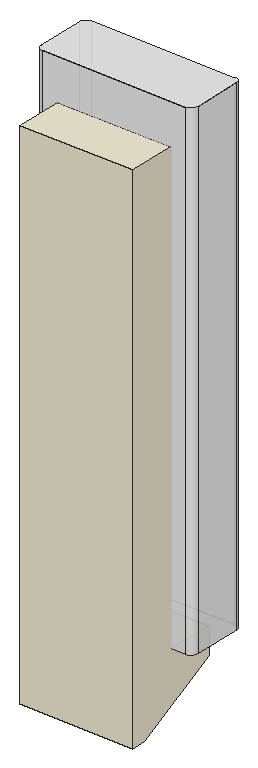
Revit family "3-522-xx - Polaris Wall Sconce", category Lighting Fixtures, host Wall, Revit 2018
Family settings
  Host = Wall
  Round Connector Dimension = Use Diameter
  Part Type = Normal
  OmniClass Number = 23.80.70.00
  OmniClass Title = Lighting
  Always vertical = Yes
  Cut with Voids When Loaded = No
  Light Source = Yes
  Shared = No
  Room Calculation Point = No
Parameters (values of type "3-522-24 / Satin Nickel - Matte White Acrylic")
  Wattage Comments = "1 x 10.1 W at 120 V"  # constant formula
  Wattage = 9.2903 W
  built-in parameter 1150110 = 1 (stored number, unit not read)
  Voltage Input = "120 V or 277 V - 50/60 Hz"  # constant formula
  Voltage = 120 V
  URL = "www.oxygenlighting.com"
  built-in parameter 1114217 = 1 (stored number, unit not read)
  built-in parameter 1150109 = 1 (stored number, unit not read)
  built-in parameter 1150134 = (empty or 0)
  built-in parameter 1150113 = 1 (stored number, unit not read)
  References = "Ref. 3 = 120 V / Ref. 37 = 277 V"  # constant formula
  Model = "3-522-xx / Polaris Wall Sconce"  # constant formula
  Metal Finish = 24 - Satin Nickel
  Manufacturer = "Oxygen Lighting and Fans"  # constant formula
  Main Diffuser = Matte White Acrylic
  Lumens = 1380 lm
  built-in parameter 1150115 = 1 (stored number, unit not read)
  built-in parameter 1150105 = 109.82 (stored number, unit not read)
  Light Source Symbol Size = 24.00"
  built-in parameter 1150137 = (empty or 0)
  built-in parameter 1150139 = (empty or 0)
  built-in parameter 1150112 = 1 (stored number, unit not read)
  built-in parameter 1150114 = 1 (stored number, unit not read)
  Lamp = "LED Array"  # constant formula
  built-in parameter 1150132 = 2
  built-in parameter 1150102 = (empty or 0)
  built-in parameter 1150138 = (empty or 0)
  built-in parameter 1150107 = 3000 (stored number, unit not read)
  built-in parameter 1150106 = 1.0982 (stored number, unit not read)
  built-in parameter 1150104 = 13.8 (stored number, unit not read)
  Dimming Lamp Color Temperature Shift = <None>
  Color Filter = 16777215
  built-in parameter 1114218 = 1 (stored number, unit not read)
  built-in parameter 1150133 = 10 (stored number, unit not read)
Reference planes (in)
  plane 1: y = 0
  plane 2 "Light Source Axis (L/R)": x = 4.92126
  plane 3 "Light Source Axis (F/R)": y = 5.90551
  plane 4 "Light Source Elevation": z = 44
  plane 5: y = 2.95276
  plane 6: z = 52.64515
Text (in)
  text "Placement side" at (-70.3598, 43.96769, 0), in view "Ref. Level"
  text "Placement side" at (0, 83.08644, 117.56134), in view "Left"
  text "Placement side" at (0, 24.74324, 118.58137), in view "Right"
Dimensions and locks (in)
  locked: plane 4 "Light Source Elevation" to plane 6 at 8.64515
  locked: plane 3 "Light Source Axis (F/R)" to plane 5 at 2.95276
  aligned and locked: plane 1 to host wall
  aligned and locked: plane 2 "Light Source Axis (L/R)" to imposter light
  aligned and locked: plane 3 "Light Source Axis (F/R)" to imposter light
  aligned and locked: plane 4 "Light Source Elevation" to imposter light
  aligned and locked: plane 5 to host wall
  aligned and locked: nested 1 to plane 2 "Light Source Axis (L/R)"
  aligned and locked: plane 5 to nested 1
  aligned and locked: plane 6 to nested 1
Nested families (in)
  nested 1: "Base" at (4.92126, 2.95276, 41.6378) x (-1, 0, 0) z (0, 0, 1), type "Base"
Connectors (in)
  electrical at (4.92126, 2.95276, 41.6378), driven by "Voltage"
    settings: on nested 1, index 1, voltage 120 V, apparent load 0 VA, apparent load phase1 0 VA, apparent load phase2 0 VA, apparent load phase3 0 VA, power factor 1, load classification "Other", number of poles 1, system type 31, power factor state 1, is connector primary yes, connector utility no, sub classification motor no, connector description ""
Definition of nested family "Base"
  Parameters (values of type "Family4")
    Metal Finish = none
    Main Diffuser = none
  Reference planes (in)
    plane 1 "Center (Front/Back)": y = 0
    plane 2: z = 0
    plane 3 "Center (Left/Right)": x = 0
  Forms (in)
    Extrusion 1, solid, material <- "Main Diffuser"
      sketch origin (0, 0, 0) x (1, 0, 0) y (0, 1, 0)
        loop
          arc (-2.63051, -1.75368) -> (-2.80599, -1.82636) -> (-2.87868, -2.00184) r 0.24816
          line (-2.87868, -2.00184) -> (-2.87868, -3.75551)
          arc (-2.87868, -3.75551) -> (-2.80599, -3.93099) -> (-2.63051, -4.00368) r 0.24816
          line (-2.63051, -4.00368) -> (2.625, -4.00368)
          arc (2.625, -4.00368) -> (2.80048, -3.93099) -> (2.87316, -3.75551) r 0.24816
          line (2.87316, -3.75551) -> (2.87316, -2.00184)
          arc (2.87316, -2.00184) -> (2.80048, -1.82636) -> (2.625, -1.75368) r 0.24816
          line (2.625, -1.75368) -> (-2.63051, -1.75368)
      from -7.00368 to 11.00735
    Extrusion 2, solid, material <- "Metal Finish"
      sketch origin (0, 0, 0) x (0, 1, 0) y (0, 0, 1)
        loop
          line (-3.50184, -7.00368) -> (-3.50184, -8.00735) -> (-0.49632, -9.50735) -> (0, -9.50735) -> (0, 9.50735) -> (-1.74816, 9.50735) -> (-1.74816, -7.00368) -> (-3.50184, -7.00368)
      from -2.0625 to 2.0625
  Dimensions and locks (in)
    aligned and locked: level to plane 2
